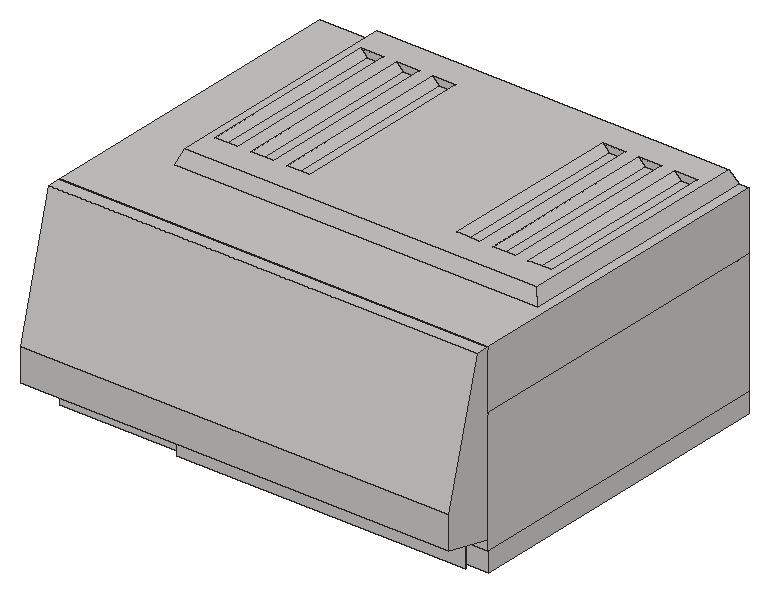
Revit family "QF_Macom_COA-VTA-XS", category Equipamento especial, Revit 2020
Family settings
  Cota do conector redondo = Utilizar diâmetro
  Tipo de parte = Normal
  Número OmniClass = 23.40.40.00
  Título OmniClass = Food Service Equipment and Furnishings
  Com base no plano de trabalho = Não
  Sempre na vertical = Sim
  Corte com vazios quando carregada = Não
  Compartilhado = Não
  Ponto de cálculo do ambiente = Não
Parameters (values of type "COA-VTA-XS")
  Weight [instance] = 83.00 kg
  Watts [instance] = 220 W
  Volume = 0.12 m³
  Volts [instance] = 220 V
  URL = "https://www.acosmacom.com.br/produtos/coifas-ogr-2/"
  Modelo = "COA-VTA-XS"
  Fabricante = "MACOM"
  Elevação padrão = 0.00 mm
  Descrição = "COIFA ACOPLADA VENTLESS PARA FORNO RATIONAL XS"
  Type Comments = ""
  Show Logo [instance] = yes
  Show Clearances [instance] = yes
  Potential Equalisation [instance] = yes
  Phase [instance] = 0
  Operational Current [instance] = 1 A
  Masterspec [instance] = ""
  Length Actual [instance] = 657.00 mm
  Ingress Protection Code [instance] = "IP22"
  Identify Quantity as Lot [instance] = yes
  Height Actual [instance] = 331.00 mm
  Foodservice Equipment Identifier [instance] = yes
  Elec Conn Connection Height [instance] = 14.00 mm
  Depth Actual [instance] = 573.00 mm
  Cycle [instance] = 60 Hz
  Conn Plug [instance] = ""
  CSI MasterFormat [instance] = ""
  CE Approved [instance] = yes
  Aspiration Volume = "212-280 m³/h"
Reference planes
  plane 1 "Centro (Frontal/Traseira)": y = 0
  plane 2: z = 0
  plane 3 "Centro (Esquerda/Direita)": x = 0
Forms (mm)
  Extrusion 1, solid, material "QF_Metal_Stainless Steel"
    sketch origin (0, 0, 0) x (1, 0, 0) y (0, 1, 0)
      loop
        line (0, 0) -> (0, -497) -> (657, -497) -> (657, 0) -> (0, 0)
    from 0 to 30
  Extrusion 2, solid, material "QF_Metal_Stainless Steel"
    sketch origin (0, 0, 30) x (1, 0, 0) y (0, 1, 0)
      loop
        line (0, 0) -> (0, -498) -> (657, -498) -> (657, 0) -> (0, 0)
    from 0 to 190
  Extrusion 3, solid, material "QF_Metal_Stainless Steel"
    sketch origin (0, 0, 220) x (1, 0, 0) y (0, 1, 0)
      loop
        line (0, 0) -> (0, -498) -> (657, -498) -> (657, 0) -> (0, 0)
    from 0 to 90
  Extrusion 4, solid, material "QF_Metal_Stainless Steel"
    sketch origin (0, -20, 30) x (0, 1, 0) y (0, 0, -1)
      loop
        line (-478, -280) -> (-478, -15.05) -> (-553, -33.68) -> (-553, -82.719) -> (-498.2, -280) -> (-478, -280)
    from 0 to -657
  Blend 5, solid, material "QF_Metal_Stainless Steel"
    base sketch origin (0, 0, 310) x (1, 0, 0) y (0, 1, 0)
      loop
        line (85.4, 0) -> (85.4, -384) -> (642.4, -384) -> (642.4, 0) -> (85.4, 0)
    top sketch origin (0, 0, 310) x (1, 0, 0) y (0, 1, 0)
      loop
        line (93.6, -8) -> (93.6, -375.5) -> (634.1, -375.5) -> (634.1, -8) -> (93.6, -8)
    from 0 to 21
  Extrusion 6, solid, material "QF_Metal_Stainless Steel"
    sketch origin (28.887, -20, 30) x (0, 1, 0) y (0, 0, -1)
      loop
        line (-478, -14.55) -> (-478, 35.45) -> (-478.8, 35.45) -> (-478.8, -14.55) -> (-478, -14.55)
    from -594.113 to -152
  Extrusion 7, void
    sketch origin (0, 0, 0) x (1, 0, 0) y (0, 0, 1)
      loop
        line (104.6, 331) -> (114.6, 321) -> (130.6, 321) -> (140.6, 331) -> (104.6, 331)
      loop
        line (159.6, 331) -> (169.6, 321) -> (185.6, 321) -> (195.6, 331) -> (159.6, 331)
      loop
        line (214.6, 331) -> (224.6, 321) -> (240.6, 321) -> (250.6, 331) -> (214.6, 331)
      loop
        line (475.3, 331) -> (485.3, 321) -> (501.3, 321) -> (511.3, 331) -> (475.3, 331)
      loop
        line (530.3, 331) -> (540.3, 321) -> (556.3, 321) -> (566.3, 331) -> (530.3, 331)
      loop
        line (585.3, 331) -> (595.3, 321) -> (611.3, 321) -> (621.3, 331) -> (585.3, 331)
    from 51.8 to 331.8
  Extrusion 8, solid, material "QF_Metal_Stainless Steel"
    sketch origin (0, 0, 0) x (1, 0, 0) y (0, 0, -1)
      loop
        circle (91, -14) r 9.525
    from 0 to 6.35
Cuts and joins
  Extrusion 7 cuts Blend 5
Lines and regions (mm)
  symbolic lines
    curve 1: line (0, 0, 0) -> (657, 0, 0)
    curve 2: line (0, -573, 0) -> (0, 0, 0)
    curve 3: line (657, -573, 0) -> (0, -573, 0)
    curve 4: line (657, 0, 0) -> (657, -573, 0)
    curve 5: line (0, -518.2, 0) -> (657, -518.2, 0)
    curve 6: line (657, -498, 0) -> (0, -498, 0)
    curve 7: line (85.4, 0, 0) -> (85.4, -384, 0)
    curve 8: line (85.4, -384, 0) -> (642.4, -384, 0)
    curve 9: line (642.4, -384, 0) -> (642.4, 0, 0)
    curve 10: line (634.1, -375.5, 0) -> (93.6, -375.5, 0)
    curve 11: line (634.1, -8, 0) -> (634.1, -375.5, 0)
    curve 12: line (93.6, -8, 0) -> (634.1, -8, 0)
    curve 13: line (93.6, -375.5, 0) -> (93.6, -8, 0)
    curve 14: line (104.6, -51.8, 0) -> (140.6, -51.8, 0)
    curve 15: line (104.6, -331.8, 0) -> (104.6, -51.8, 0)
    curve 16: line (140.6, -331.8, 0) -> (104.6, -331.8, 0)
    curve 17: line (140.6, -51.8, 0) -> (140.6, -331.8, 0)
    curve 18: line (159.6, -51.8, 0) -> (195.6, -51.8, 0)
    curve 19: line (159.6, -331.8, 0) -> (159.6, -51.8, 0)
    curve 20: line (195.6, -331.8, 0) -> (159.6, -331.8, 0)
    curve 21: line (195.6, -51.8, 0) -> (195.6, -331.8, 0)
    curve 22: line (214.6, -51.8, 0) -> (250.6, -51.8, 0)
    curve 23: line (214.6, -331.8, 0) -> (214.6, -51.8, 0)
    curve 24: line (250.6, -331.8, 0) -> (214.6, -331.8, 0)
    curve 25: line (250.6, -51.8, 0) -> (250.6, -331.8, 0)
    curve 26: line (475.3, -51.8, 0) -> (511.3, -51.8, 0)
    curve 27: line (475.3, -331.8, 0) -> (475.3, -51.8, 0)
    curve 28: line (511.3, -331.8, 0) -> (475.3, -331.8, 0)
    curve 29: line (511.3, -51.8, 0) -> (511.3, -331.8, 0)
    curve 30: line (530.3, -51.8, 0) -> (566.3, -51.8, 0)
    curve 31: line (530.3, -331.8, 0) -> (530.3, -51.8, 0)
    curve 32: line (566.3, -331.8, 0) -> (530.3, -331.8, 0)
    curve 33: line (566.3, -51.8, 0) -> (566.3, -331.8, 0)
    curve 34: line (585.3, -51.8, 0) -> (621.3, -51.8, 0)
    curve 35: line (585.3, -331.8, 0) -> (585.3, -51.8, 0)
    curve 36: line (621.3, -331.8, 0) -> (585.3, -331.8, 0)
    curve 37: line (621.3, -51.8, 0) -> (621.3, -331.8, 0)
    curve 38: line (114.6, -51.8, 0) -> (114.6, -331.8, 0)
    curve 39: line (130.6, -51.8, 0) -> (130.6, -331.8, 0)
    curve 40: line (169.6, -51.8, 0) -> (169.6, -331.8, 0)
    curve 41: line (185.6, -51.8, 0) -> (185.6, -331.8, 0)
    curve 42: line (224.6, -51.8, 0) -> (224.6, -331.8, 0)
    curve 43: line (240.6, -51.8, 0) -> (240.6, -331.8, 0)
    curve 44: line (485.3, -51.8, 0) -> (485.3, -331.8, 0)
    curve 45: line (501.3, -51.8, 0) -> (501.3, -331.8, 0)
    curve 46: line (540.3, -51.8, 0) -> (540.3, -331.8, 0)
    curve 47: line (556.3, -51.8, 0) -> (556.3, -331.8, 0)
    curve 48: line (595.3, -51.8, 0) -> (595.3, -331.8, 0)
    curve 49: line (611.3, -51.8, 0) -> (611.3, -331.8, 0)
    curve 50: line (85.4, 0, 0) -> (93.6, -8, 0)
    curve 51: line (85.4, -384, 0) -> (93.6, -375.5, 0)
    curve 52: line (642.4, -384, 0) -> (634.1, -375.5, 0)
    curve 53: line (642.4, 0, 0) -> (634.1, -8, 0)
    curve 54: line (81.475, 6.35, 0) -> (100.525, 6.35, 0)
    curve 55: line (100.525, 6.35, 0) -> (100.525, 0, 0)
    curve 56: line (81.475, 6.35, 0) -> (81.475, 0, 0)
Dimensions and locks
  locked: Extrusion 1 sketch curve to Extrusion 1 sketch curve at 497
  Extrusion 1 sketch curve to Extrusion 1 sketch curve = 657.00 mm
  locked: Extrusion 1 to Extrusion 2 sketch curve at 498
  locked: Blend 5 sketch curve to Blend 5 sketch curve at 557
  locked: Blend 5 sketch curve to Blend 5 sketch curve at 384
  locked: Blend 5 sketch curve to Extrusion 3 at 14.6
  locked: Blend 5 sketch curve to Blend 5 sketch curve at 540.5
  locked: Blend 5 sketch curve to Blend 5 sketch curve at 367.5
  locked: var sketch to Blend 5 sketch curve at 8.2
  locked: Blend 5 sketch curve to Extrusion 3 at 8
  locked: Extrusion 6 sketch curve to Extrusion 6 sketch curve at 50
  Extrusion 6 sketch curve to Extrusion 6 sketch curve = 0.80 mm
  locked: Extrusion 6 sketch curve to Extrusion 4 at 0.5
  locked: Extrusion 1 to Extrusion 6 at 34
  Extrusion 6 to Extrusion 6 = 442.113 mm
  "Depth Actual": plane 1 "Centro (Frontal/Traseira)" to Extrusion 4
  "Height Actual": cut or joined group of Blend 5, Extrusion 7 to Extrusion 1
  "Length Actual": Extrusion 4 to plane 3 "Centro (Esquerda/Direita)"
  "Elec Conn Connection Height": level to Extrusion 8 sketch curve
  Extrusion 8 sketch curve to plane 3 "Centro (Esquerda/Direita)" = 91.00 mm
  aligned and locked: level to plane 2
  aligned and locked: plane 1 "Centro (Frontal/Traseira)" to Extrusion 1 sketch curve
  aligned and locked: plane 3 "Centro (Esquerda/Direita)" to Extrusion 1 sketch curve
  aligned and locked: Extrusion 2 sketch curve to Extrusion 1  (x3)
  aligned and locked: Extrusion 3 sketch curve to Extrusion 1
  aligned and locked: Extrusion 3 sketch curve to Extrusion 2  (x3)
  aligned and locked: Extrusion 1 to Extrusion 4
  aligned and locked: Extrusion 7 sketch curve to Blend 5
  aligned and locked: curve 1 to Extrusion 1
  aligned and locked: curve 2 to Extrusion 2
  aligned and locked: curve 3 to Extrusion 4
  aligned and locked: curve 4 to Extrusion 4
  aligned and locked: curve 5 to Extrusion 4
  aligned and locked: curve 6 to Extrusion 2
  aligned and locked: curve 8 to cut or joined group of Blend 5, Extrusion 7
  aligned and locked: curve 7 to cut or joined group of Blend 5, Extrusion 7
  aligned and locked: curve 9 to cut or joined group of Blend 5, Extrusion 7
  aligned and locked: curve 10 to cut or joined group of Blend 5, Extrusion 7
  aligned and locked: curve 11 to cut or joined group of Blend 5, Extrusion 7
  aligned and locked: curve 12 to cut or joined group of Blend 5, Extrusion 7
  aligned and locked: curve 13 to cut or joined group of Blend 5, Extrusion 7
  aligned and locked: curve 14 to cut or joined group of Blend 5, Extrusion 7
  aligned and locked: curve 15 to cut or joined group of Blend 5, Extrusion 7
  aligned and locked: curve 16 to cut or joined group of Blend 5, Extrusion 7
  aligned and locked: curve 17 to cut or joined group of Blend 5, Extrusion 7
  aligned and locked: curve 18 to cut or joined group of Blend 5, Extrusion 7
  aligned and locked: curve 19 to cut or joined group of Blend 5, Extrusion 7
  aligned and locked: curve 20 to cut or joined group of Blend 5, Extrusion 7
  aligned and locked: curve 21 to cut or joined group of Blend 5, Extrusion 7
  aligned and locked: curve 22 to cut or joined group of Blend 5, Extrusion 7
  aligned and locked: curve 23 to cut or joined group of Blend 5, Extrusion 7
  aligned and locked: curve 24 to cut or joined group of Blend 5, Extrusion 7
  aligned and locked: curve 25 to cut or joined group of Blend 5, Extrusion 7
  aligned and locked: curve 27 to cut or joined group of Blend 5, Extrusion 7
  aligned and locked: curve 28 to cut or joined group of Blend 5, Extrusion 7
  aligned and locked: curve 29 to cut or joined group of Blend 5, Extrusion 7
  aligned and locked: curve 30 to cut or joined group of Blend 5, Extrusion 7
  aligned and locked: curve 31 to cut or joined group of Blend 5, Extrusion 7
  aligned and locked: curve 32 to cut or joined group of Blend 5, Extrusion 7
  aligned and locked: curve 33 to cut or joined group of Blend 5, Extrusion 7
  aligned and locked: curve 34 to cut or joined group of Blend 5, Extrusion 7
  aligned and locked: curve 35 to cut or joined group of Blend 5, Extrusion 7
  aligned and locked: curve 36 to cut or joined group of Blend 5, Extrusion 7
  aligned and locked: curve 37 to cut or joined group of Blend 5, Extrusion 7
  aligned and locked: curve 38 to cut or joined group of Blend 5, Extrusion 7
  aligned and locked: curve 14 to curve 39
  aligned and locked: curve 39 to cut or joined group of Blend 5, Extrusion 7
  aligned and locked: curve 40 to cut or joined group of Blend 5, Extrusion 7
  aligned and locked: curve 18 to curve 41
  aligned and locked: curve 41 to cut or joined group of Blend 5, Extrusion 7
  aligned and locked: curve 22 to curve 42
  aligned and locked: curve 42 to cut or joined group of Blend 5, Extrusion 7
  aligned and locked: curve 44 to cut or joined group of Blend 5, Extrusion 7
  aligned and locked: curve 45 to cut or joined group of Blend 5, Extrusion 7
  aligned and locked: curve 46 to cut or joined group of Blend 5, Extrusion 7
  aligned and locked: curve 47 to cut or joined group of Blend 5, Extrusion 7
  aligned and locked: curve 48 to cut or joined group of Blend 5, Extrusion 7
  aligned and locked: curve 49 to cut or joined group of Blend 5, Extrusion 7
  aligned and locked: curve 50 to cut or joined group of Blend 5, Extrusion 7
  aligned and locked: curve 51 to cut or joined group of Blend 5, Extrusion 7
  aligned and locked: curve 52 to cut or joined group of Blend 5, Extrusion 7
  aligned and locked: curve 53 to cut or joined group of Blend 5, Extrusion 7
Automatic sketch dimensions
  Extrusion 4 sketch curve to Extrusion 2 = 0.00 mm
  Extrusion 2 to Extrusion 4 sketch curve = 20.20 mm
  Extrusion 2 to Extrusion 4 sketch curve = 75.00 mm
  Extrusion 4 sketch curve to Extrusion 2 = 90.00 mm
  Extrusion 2 to Extrusion 4 sketch curve = 82.719 mm
  Extrusion 2 to Extrusion 4 sketch curve = 33.68 mm
  Extrusion 2 to Extrusion 4 sketch curve = 15.05 mm
  Blend 5 sketch curve to Extrusion 3 = 0.00 mm
  plane 1 "Centro (Frontal/Traseira)" to Extrusion 6 sketch curve = 498.80 mm
  plane 3 "Centro (Esquerda/Direita)" to Extrusion 7 sketch curve = 104.60 mm
  Extrusion 7 sketch curve to Extrusion 7 sketch curve = 10.00 mm  (x19)
  Extrusion 7 sketch curve to Extrusion 7 sketch curve = 16.00 mm  (x6)
  Extrusion 7 sketch curve to Extrusion 7 sketch curve = 19.00 mm  (x4)
  Extrusion 7 sketch curve to Extrusion 7 sketch curve = 224.70 mm
  Extrusion 7 sketch curve to Extrusion 7 sketch curve = 0.00 mm  (x3)
  level to Extrusion 7 sketch curve = 331.00 mm
  curve 54 to plane 1 "Centro (Frontal/Traseira)" = 6.35 mm
  curve 12 to curve 54 = 6.925 mm
  plane 1 "Centro (Frontal/Traseira)" to curve 27 = 51.80 mm
  curve 56 to curve 7 = 3.925 mm
  curve 43 to curve 22 = 10.00 mm
  radius of Extrusion 8 sketch curve = 9.525 mm
Connectors
  electrical at (91, 6.35, 14), driven by "Volts"
    settings: on Extrusion 8, index 1, voltage 220 V, apparent load 0 VA, apparent load phase1 0 VA, apparent load phase2 0 VA, apparent load phase3 0 VA, power factor 1, load classification "Outro", number of poles 1, system type 30, power factor state 1, is connector primary yes, connector utility no, sub classification motor no, connector description ""
